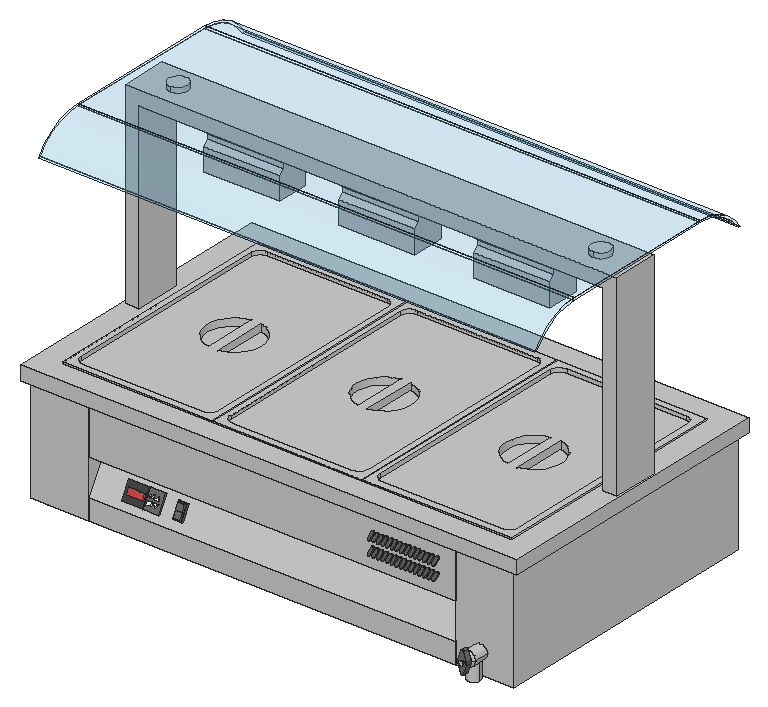
Revit family "QF_INOMAK_MSV610_250605075213", category Specialty Equipment, Revit 2021
Family settings
  Round Connector Dimension = Use Diameter
  Part Type = Normal
  OmniClass Number = 23.40.40.14
  OmniClass Title = Food Service Equipment
  Work Plane-Based = No
  Always vertical = Yes
  Cut with Voids When Loaded = No
  Shared = No
  Room Calculation Point = No
Parameters (values of type "MSV610")
  Weight [instance] = 43.00 kg
  Waste Water Discharge Temperature [instance] = 0 °C
  Waste Remarks [instance] = ""
  Warranty Start Date [instance] = ""
  Warranty Duration [instance] = ""
  Volts [instance] = 230 V
  Volt Free Conn [instance] = no
  URL Recommended Spares List [instance] = ""
  URL Manufacturer [instance] = ""
  URL Cutsheet [instance] = ""
  URL Critical Spares List [instance] = ""
  URL = "www.inomak.com"
  Technical Documentation [instance] = ""
  Tag Number [instance] = ""
  Status [instance] = ""
  Start Up Current [instance] = 0 A
  Specification by User [instance] = ""
  Specification by Manufacturer [instance] = ""
  Sound Level [instance] = ""
  Show Logo [instance] = yes
  Show Clearances [instance] = yes
  Service Life Duration [instance] = ""
  Serial Number [instance] = ""
  Seismic Rating [instance] = ""
  SMACNA No [instance] = ""
  Revision Code [instance] = ""
  Revision [instance] = ""
  Production Year [instance] = ""
  Potential Equalisation [instance] = no
  Point Load [instance] = 0
  Plumbing Connection Type [instance] = ""
  Phase [instance] = 1
  Other Equipment Approvals [instance] = ""
  Operational Current [instance] = 0 A
  Number of Poles [instance] = 2
  No Load Power Draw [instance] = no
  NAFEM Spec ID Number [instance] = ""
  Model Warning [instance] = ""
  Model = "MSV610"
  Min Ckt Ampacity [instance] = 0 A
  Max Overcurrent Protection [instance] = 16 A
  Masterspec [instance] = ""
  Manufacturer = "INOMAK"
  Main switch integrated [instance] = no
  Length Actual [instance] = 1078 mm
  Item Number [instance] = ""
  Installed By [instance] = ""
  Installation Date [instance] = ""
  Indirect Waste Size [instance] = 25.4 mm
  Indirect Waste Remarks [instance] = ""
  Indirect Waste Flow [instance] = 0.0 L/s
  Indirect Waste Connection Type [instance] = ""
  Indirect Waste Connection Height [instance] = 0 mm
  Identify Quantity as Lot [instance] = no
  ID [instance] = ""
  Hygiene Approval [instance] = ""
  Height Actual [instance] = 708 mm
  HP power [instance] = ""
  Furnished By [instance] = ""
  Foodservice Equipment Identifier [instance] = no
  FL Amps [instance] = 10.4 A
  Electrical Remarks [instance] = ""
  Electric power [instance] = 2390 W
  Electric Connection Type [instance] = ""
  Elec Conn RI Height [instance] = 0 mm
  Elec Conn Connection Height [instance] = 0 mm
  ETL Approved [instance] = no
  Direct Waste Water Discharge Temperature [instance] = -273.15 °C
  Direct Waste Size [instance] = 25.4 mm
  Direct Waste RI Height [instance] = 0 mm
  Direct Waste Flow [instance] = 0.0 L/s
  Direct Waste Connection Height [instance] = 0 mm
  Description = "PORTABLE BAIN MARIE WITH 3 GN PANS CAPACITY AND DOUBLE SNEEZE GUARD"
  Depth Actual [instance] = 629 mm
  Default Elevation = 0 mm
  Cycle [instance] = 50 Hz
  Cost = 0
  Connection to energy optimisation system [instance] = yes
  Conn Plug [instance] = ""
  Conn Conduit [instance] = no
  Centralized building control system with digital interface [instance] = ""
  CSI MasterFormat [instance] = ""
  CE Approved [instance] = no
  Barcode [instance] = 0
  Author [instance] = ""
  Asset Identifier [instance] = ""
  Apparent Power [instance] = 2390 VA
  Accessory [instance] = no
Reference planes
  plane 1 "Center (Front/Back)": y = 0
  plane 2: z = 0
  plane 3 "Center (Left/Right)": x = 0
Forms (mm)
  Extrusion 1, solid, not visible
    sketch origin (995.049, -600.029, 12.001) x (1, 0, 0) y (0, 1, 0)
      loop
        line (-2, 2) -> (-2, -2) -> (2, -2) -> (2, 2) -> (-2, 2)
    from -2 to 2
  Extrusion 2, solid, not visible
    sketch origin (80.004, -600.029, 12.001) x (1, 0, 0) y (0, 1, 0)
      loop
        line (-2, 2) -> (-2, -2) -> (2, -2) -> (2, 2) -> (-2, 2)
    from -2 to 2
Dimensions and locks
  locked: nested 2 to Extrusion 1 at 2  (x2)
  locked: nested 3 to Extrusion 2 at 2  (x2)
  aligned and locked: level to plane 2
Nested families
  nested 1: "QF_INOMAK_PORTABLE_BAIN_MARIES_1080_2920" at (0, 0, 0), type "MSV610"
    with Weight 43.00 kg, Warranty Start Date "", Warranty Duration "", URL Cutsheet "", Technical Documentation "", Tag Number "", Status "", Specification by User "", Specification by Manufacturer "", Sound Level "", Solid Fuel Type "", Show Logo yes, Show Clearances yes, Service Life Duration "", Serial Number "", Seismic Rating "", SMACNA No "", Revision Code "", Revision "", Production Year "", Point Load 0, Other Equipment Approvals "", NAFEM Spec ID Number "", Model Warning "", Masterspec "", Length Actual 1078 mm, Item Number "", Installed By "", Installation Date "", Identify Quantity as Lot yes, ID "", Hygiene Approval "", Height Actual 708 mm, Furnished By "", Foodservice Equipment Identifier yes, ETL Approved yes, Depth Actual 629 mm, CSI MasterFormat "", CE Approved yes, Barcode "", Author "", Asset Identifier "", Accessory no
  nested 2: "CONN_POINT_DRAIN_2D___Generic_Annotation" at (995.049, -600.029, 10), type "CONN_POINT_DRAIN_2D___Generic_Annotation"
    with Onboard connection annotation symbol visibility yes
  nested 3: "CONN_POINT_ELE_2D___Generic_Annotation" at (80.004, -600.029, 10), type "CONN_POINT_ELE_2D___Generic_Annotation"
    with Onboard connection annotation symbol visibility yes
  nested 4: "QF_INOMAK_HEAT_WORKTOPS_HTDS_1080_4720" at (0, 0, 268), type "HTDS-1080-630"
    with Weight 0.00 kg, Warranty Start Date "", Warranty Duration "", URL Cutsheet "", Technical Documentation "", Tag Number "", Status "", Specification by User "", Specification by Manufacturer "", Sound Level "", Solid Fuel Type "", Show Logo yes, Show Clearances yes, Service Life Duration "", Serial Number "", Seismic Rating "", SMACNA No "", Revision Code "", Revision "", Production Year "", Point Load 0, Other Equipment Approvals "", NAFEM Spec ID Number "", Model Warning "", Masterspec "", Length Actual 1078 mm, Item Number "", Installed By "", Installation Date "", Identify Quantity as Lot yes, ID "", Hygiene Approval "", Height Actual 440 mm, Furnished By "", Foodservice Equipment Identifier yes, ETL Approved yes, Depth Actual 629 mm, CSI MasterFormat "", CE Approved yes, Barcode "", Author "", Asset Identifier "", Accessory yes
Connectors
  piping at (995.049, -600.029, 10), diameter 25.4, driven by "Indirect Waste Size", driven by "Direct Waste Flow"
    settings: on Extrusion 1, index 1, connector inside diameter 609.6 mm, connector length 0 mm, flow factor 0, pipe flow 0.0 L/s, pressure drop 0.0 Pa, fitting loss kfactor 0, connector angle 0.00°, fixture units 0, engagement length 0 mm, angle of deflection 0.00°, flow configuration 1, flow direction 2, fitting loss method 0, system type 16, joint type 0, gender type 0, connector reference index -1, connector utility 0, adjustable connector no, is connector primary yes, connector description "Waste connection for MSV610"
  electrical at (80.004, -600.029, 10), driven by "Apparent Power", driven by "Number of Poles", driven by "Volts"
    settings: on Extrusion 2, index 2, voltage 230 V, apparent load 0 VA, apparent load phase1 2390 VA, apparent load phase2 0 VA, apparent load phase3 0 VA, power factor 1, load classification "Other", number of poles 2, system type 31, power factor state 1, is connector primary yes, connector utility no, sub classification motor no, connector description "Electrical connection for MSV610"
Definition of nested family "QF_INOMAK_PORTABLE_BAIN_MARIES_1080_2920"
  Parameters (values of type "MBSQ610")
    Weight [instance] = 0.00 kg
    Warranty Start Date [instance] = ""
    Warranty Duration [instance] = ""
    URL Cutsheet [instance] = ""
    URL = "www.inomak.com"
    Technical Documentation [instance] = ""
    Tag Number [instance] = ""
    Status [instance] = ""
    Specification by User [instance] = ""
    Specification by Manufacturer [instance] = ""
    Sound Level [instance] = ""
    Solid Fuel Type [instance] = ""
    Show Logo [instance] = yes
    Show Clearances [instance] = yes
    Service Life Duration [instance] = ""
    Serial Number [instance] = ""
    Seismic Rating [instance] = ""
    SMACNA No [instance] = ""
    Revision Code [instance] = ""
    Revision [instance] = ""
    Production Year [instance] = ""
    Point Load [instance] = 0
    Other Equipment Approvals [instance] = ""
    NAFEM Spec ID Number [instance] = ""
    Model Warning [instance] = ""
    Model = "MBSQ610"
    Masterspec [instance] = ""
    Manufacturer = "INOMAK"
    Length Actual [instance] = 0 mm
    Item Number [instance] = ""
    Installed By [instance] = ""
    Installation Date [instance] = ""
    Identify Quantity as Lot [instance] = yes
    ID [instance] = ""
    Hygiene Approval [instance] = ""
    Height Actual [instance] = 0 mm
    Furnished By [instance] = ""
    Foodservice Equipment Identifier [instance] = yes
    ETL Approved [instance] = yes
    Description = "PORTABLE BAIN MARIE WITH 3 GN PANS CAPACITY AND SQUARE SHOWCASE"
    Depth Actual [instance] = 0 mm
    Default Elevation = 0 mm
    CSI MasterFormat [instance] = ""
    CE Approved [instance] = yes
    Barcode [instance] = ""
    Author [instance] = ""
    Asset Identifier [instance] = ""
    Assembly Code = "E1090320"
    Accessory [instance] = yes
  Types (5, lengths in mm): name | Model | Description
    MBV610 | "MBV610" | "PORTABLE BAIN MARIE WITH 3 GN PANS CAPACITY AND SHOWCASE"
    MAV610 | "MAV610" | "PORTABLE BAIN MARIE WITH 3 GN PANS CAPACITY"
    MEV610 | "MEV610" | "PORTABLE BAIN MARIE WITH 3 GN PANS CAPACITY AND SINGLE SNEEZE GUARD"
    MSV610 | "MSV610" | "PORTABLE BAIN MARIE WITH 3 GN PANS CAPACITY AND DOUBLE SNEEZE GUARD"
    MBSQ610 | "MBSQ610" | "PORTABLE BAIN MARIE WITH 3 GN PANS CAPACITY AND SQUARE SHOWCASE"
  Reference planes
    plane 1 "Back": y = 0
    plane 2: z = 0
    plane 3 "Left": x = 0
    plane 4 "Right": x = 1078
    plane 5 "Front": y = -629
    plane 6 "Top": z = 268
  Forms (mm)
    Extrusion 1, solid
      sketch origin (233.428, -636, -16.393) x (-1, 0, 0) y (0, 0, 1)
        loop
          arc (-522.253, 222.665) -> (-526.351, 223.763) -> (-527.449, 219.665) r 3
          line (-527.449, 219.665) -> (-518.449, 204.077)
          arc (-518.449, 204.077) -> (-514.351, 202.979) -> (-513.253, 207.077) r 3
          line (-513.253, 207.077) -> (-522.253, 222.665)
        loop
          arc (-532.253, 222.665) -> (-536.351, 223.763) -> (-537.449, 219.665) r 3
          line (-537.449, 219.665) -> (-528.449, 204.077)
          arc (-528.449, 204.077) -> (-524.351, 202.979) -> (-523.253, 207.077) r 3
          line (-523.253, 207.077) -> (-532.253, 222.665)
        loop
          arc (-542.253, 222.665) -> (-546.351, 223.763) -> (-547.449, 219.665) r 3
          line (-547.449, 219.665) -> (-538.449, 204.077)
          arc (-538.449, 204.077) -> (-534.351, 202.979) -> (-533.253, 207.077) r 3
          line (-533.253, 207.077) -> (-542.253, 222.665)
        loop
          arc (-552.253, 222.665) -> (-556.351, 223.763) -> (-557.449, 219.665) r 3
          line (-557.449, 219.665) -> (-548.449, 204.077)
          arc (-548.449, 204.077) -> (-544.351, 202.979) -> (-543.253, 207.077) r 3
          line (-543.253, 207.077) -> (-552.253, 222.665)
        loop
          arc (-562.253, 222.665) -> (-566.351, 223.763) -> (-567.449, 219.665) r 3
          line (-567.449, 219.665) -> (-558.449, 204.077)
          arc (-558.449, 204.077) -> (-554.351, 202.979) -> (-553.253, 207.077) r 3
          line (-553.253, 207.077) -> (-562.253, 222.665)
        loop
          arc (-572.253, 222.665) -> (-576.351, 223.763) -> (-577.449, 219.665) r 3
          line (-577.449, 219.665) -> (-568.449, 204.077)
          arc (-568.449, 204.077) -> (-564.351, 202.979) -> (-563.253, 207.077) r 3
          line (-563.253, 207.077) -> (-572.253, 222.665)
        loop
          arc (-582.253, 222.665) -> (-586.351, 223.763) -> (-587.449, 219.665) r 3
          line (-587.449, 219.665) -> (-578.449, 204.077)
          arc (-578.449, 204.077) -> (-574.351, 202.979) -> (-573.253, 207.077) r 3
          line (-573.253, 207.077) -> (-582.253, 222.665)
        loop
          arc (-592.253, 222.665) -> (-596.351, 223.763) -> (-597.449, 219.665) r 3
          line (-597.449, 219.665) -> (-588.449, 204.077)
          arc (-588.449, 204.077) -> (-584.351, 202.979) -> (-583.253, 207.077) r 3
          line (-583.253, 207.077) -> (-592.253, 222.665)
        loop
          arc (-602.253, 222.665) -> (-606.351, 223.763) -> (-607.449, 219.665) r 3
          line (-607.449, 219.665) -> (-598.449, 204.077)
          arc (-598.449, 204.077) -> (-594.351, 202.979) -> (-593.253, 207.077) r 3
          line (-593.253, 207.077) -> (-602.253, 222.665)
        loop
          arc (-612.253, 222.665) -> (-616.351, 223.763) -> (-617.449, 219.665) r 3
          line (-617.449, 219.665) -> (-608.449, 204.077)
          arc (-608.449, 204.077) -> (-604.351, 202.979) -> (-603.253, 207.077) r 3
          line (-603.253, 207.077) -> (-612.253, 222.665)
        loop
          arc (-622.253, 222.665) -> (-626.351, 223.763) -> (-627.449, 219.665) r 3
          line (-627.449, 219.665) -> (-618.449, 204.077)
          arc (-618.449, 204.077) -> (-614.351, 202.979) -> (-613.253, 207.077) r 3
          line (-613.253, 207.077) -> (-622.253, 222.665)
        loop
          arc (-632.253, 222.665) -> (-636.351, 223.763) -> (-637.449, 219.665) r 3
          line (-637.449, 219.665) -> (-628.449, 204.077)
          arc (-628.449, 204.077) -> (-624.351, 202.979) -> (-623.253, 207.077) r 3
          line (-623.253, 207.077) -> (-632.253, 222.665)
        loop
          arc (-642.253, 222.665) -> (-646.351, 223.763) -> (-647.449, 219.665) r 3
          line (-647.449, 219.665) -> (-638.449, 204.077)
          arc (-638.449, 204.077) -> (-634.351, 202.979) -> (-633.253, 207.077) r 3
          line (-633.253, 207.077) -> (-642.253, 222.665)
        loop
          arc (-652.253, 222.665) -> (-656.351, 223.763) -> (-657.449, 219.665) r 3
          line (-657.449, 219.665) -> (-648.449, 204.077)
          arc (-648.449, 204.077) -> (-644.351, 202.979) -> (-643.253, 207.077) r 3
          line (-643.253, 207.077) -> (-652.253, 222.665)
        loop
          arc (-662.253, 222.665) -> (-666.351, 223.763) -> (-667.449, 219.665) r 3
          line (-667.449, 219.665) -> (-658.449, 204.077)
          arc (-658.449, 204.077) -> (-654.351, 202.979) -> (-653.253, 207.077) r 3
          line (-653.253, 207.077) -> (-662.253, 222.665)
        loop
          arc (-522.253, 192.665) -> (-526.351, 193.763) -> (-527.449, 189.665) r 3
          line (-527.449, 189.665) -> (-518.449, 174.077)
          arc (-518.449, 174.077) -> (-514.351, 172.979) -> (-513.253, 177.077) r 3
          line (-513.253, 177.077) -> (-522.253, 192.665)
        loop
          arc (-532.253, 192.665) -> (-536.351, 193.763) -> (-537.449, 189.665) r 3
          line (-537.449, 189.665) -> (-528.449, 174.077)
          arc (-528.449, 174.077) -> (-524.351, 172.979) -> (-523.253, 177.077) r 3
          line (-523.253, 177.077) -> (-532.253, 192.665)
        loop
          arc (-542.253, 192.665) -> (-546.351, 193.763) -> (-547.449, 189.665) r 3
          line (-547.449, 189.665) -> (-538.449, 174.077)
          arc (-538.449, 174.077) -> (-534.351, 172.979) -> (-533.253, 177.077) r 3
          line (-533.253, 177.077) -> (-542.253, 192.665)
        loop
          arc (-552.253, 192.665) -> (-556.351, 193.763) -> (-557.449, 189.665) r 3
          line (-557.449, 189.665) -> (-548.449, 174.077)
          arc (-548.449, 174.077) -> (-544.351, 172.979) -> (-543.253, 177.077) r 3
          line (-543.253, 177.077) -> (-552.253, 192.665)
        loop
          arc (-562.253, 192.665) -> (-566.351, 193.763) -> (-567.449, 189.665) r 3
          line (-567.449, 189.665) -> (-558.449, 174.077)
          arc (-558.449, 174.077) -> (-554.351, 172.979) -> (-553.253, 177.077) r 3
          line (-553.253, 177.077) -> (-562.253, 192.665)
        loop
          arc (-572.253, 192.665) -> (-576.351, 193.763) -> (-577.449, 189.665) r 3
          line (-577.449, 189.665) -> (-568.449, 174.077)
          arc (-568.449, 174.077) -> (-564.351, 172.979) -> (-563.253, 177.077) r 3
          line (-563.253, 177.077) -> (-572.253, 192.665)
        loop
          arc (-582.253, 192.665) -> (-586.351, 193.763) -> (-587.449, 189.665) r 3
          line (-587.449, 189.665) -> (-578.449, 174.077)
          arc (-578.449, 174.077) -> (-574.351, 172.979) -> (-573.253, 177.077) r 3
          line (-573.253, 177.077) -> (-582.253, 192.665)
        loop
          arc (-592.253, 192.665) -> (-596.351, 193.763) -> (-597.449, 189.665) r 3
          line (-597.449, 189.665) -> (-588.449, 174.077)
          arc (-588.449, 174.077) -> (-584.351, 172.979) -> (-583.253, 177.077) r 3
          line (-583.253, 177.077) -> (-592.253, 192.665)
        loop
          arc (-602.253, 192.665) -> (-606.351, 193.763) -> (-607.449, 189.665) r 3
          line (-607.449, 189.665) -> (-598.449, 174.077)
          arc (-598.449, 174.077) -> (-594.351, 172.979) -> (-593.253, 177.077) r 3
          line (-593.253, 177.077) -> (-602.253, 192.665)
        loop
          arc (-612.253, 192.665) -> (-616.351, 193.763) -> (-617.449, 189.665) r 3
          line (-617.449, 189.665) -> (-608.449, 174.077)
          arc (-608.449, 174.077) -> (-604.351, 172.979) -> (-603.253, 177.077) r 3
          line (-603.253, 177.077) -> (-612.253, 192.665)
        loop
          arc (-622.253, 192.665) -> (-626.351, 193.763) -> (-627.449, 189.665) r 3
          line (-627.449, 189.665) -> (-618.449, 174.077)
          arc (-618.449, 174.077) -> (-614.351, 172.979) -> (-613.253, 177.077) r 3
          line (-613.253, 177.077) -> (-622.253, 192.665)
        loop
          arc (-632.253, 192.665) -> (-636.351, 193.763) -> (-637.449, 189.665) r 3
          line (-637.449, 189.665) -> (-628.449, 174.077)
          arc (-628.449, 174.077) -> (-624.351, 172.979) -> (-623.253, 177.077) r 3
          line (-623.253, 177.077) -> (-632.253, 192.665)
        loop
          arc (-642.253, 192.665) -> (-646.351, 193.763) -> (-647.449, 189.665) r 3
          line (-647.449, 189.665) -> (-638.449, 174.077)
          arc (-638.449, 174.077) -> (-634.351, 172.979) -> (-633.253, 177.077) r 3
          line (-633.253, 177.077) -> (-642.253, 192.665)
        loop
          arc (-652.253, 192.665) -> (-656.351, 193.763) -> (-657.449, 189.665) r 3
          line (-657.449, 189.665) -> (-648.449, 174.077)
          arc (-648.449, 174.077) -> (-644.351, 172.979) -> (-643.253, 177.077) r 3
          line (-643.253, 177.077) -> (-652.253, 192.665)
        loop
          arc (-662.253, 192.665) -> (-666.351, 193.763) -> (-667.449, 189.665) r 3
          line (-667.449, 189.665) -> (-658.449, 174.077)
          arc (-658.449, 174.077) -> (-654.351, 172.979) -> (-653.253, 177.077) r 3
          line (-653.253, 177.077) -> (-662.253, 192.665)
      from 16.5 to 18.5
    Extrusion 2, solid
      sketch origin (0, -641.208, 0) x (-1, 0, 0) y (0, 0, 1)
        loop
          line (-15, 10) -> (-15, 238) -> (-140, 238) -> (-140, 10) -> (-15, 10)
      from 22.208 to 631.208
    Extrusion 3, solid
      sketch origin (0, 0, 238) x (1, 0, 0) y (0, 1, 0)
        loop
          line (0, 0) -> (0, -629) -> (1078, -629) -> (1078, 0) -> (0, 0)
        loop
          line (51.5, -579) -> (1026.5, -579) -> (1026.5, -49) -> (51.5, -49) -> (51.5, -579)
      from 0 to 30
    Extrusion 4, solid
      sketch origin (1079, -641.208, 0) x (1, 0, 0) y (0, 0, -1)
        loop
          line (-15, -10) -> (-141, -10) -> (-141, -238) -> (-15, -238) -> (-15, -10)
      from 22.208 to 631.208
    Extrusion 5, solid
      sketch origin (-1, 0, 0) x (0, 1, 0) y (0, 0, 1)
        loop
          line (-619, 238) -> (-619, 133.92) -> (-579, 124.282) -> (-619, 55) -> (-619, 10) -> (-10, 10) -> (-10, 238) -> (-619, 238)
      from 141 to 939
    Revolve 6, solid
      sketch origin (0, -594, 0) x (-1, 0, 0) y (0, 0, 1)
        loop
          line (-27.5, 10) -> (-40, 10) -> (-40, 0) -> (-30, 0) -> (-27.5, 10)
        axis (-40, 0) -> (-40, 10)
      angle from 0 to 360
    Revolve 7, solid
      sketch origin (1078, -594, 0) x (1, 0, 0) y (0, 0, -1)
        loop
          line (-27.5, -10) -> (-30, 0) -> (-40, 0) -> (-40, -10) -> (-27.5, -10)
        axis (-40, 0) -> (-40, -10)
      angle from 0 to 360
    Extrusion 8, solid
      sketch origin (-1, -646.329, 9.665) x (-1, 0, 0) y (0, 0.5, 0.866025)
        loop
          line (-208.234, 108.408) -> (-253.234, 108.408) -> (-253.234, 68.408) -> (-208.234, 68.408) -> (-208.234, 108.408)
      from 0 to 2
    Extrusion 9, solid
      sketch origin (-612.766, -619.914, 59.417) x (-1, 0, 0) y (0, 0.5, 0.866025)
        loop
          line (-950, 15) -> (-930, 15) -> (-930, 50) -> (-950, 50) -> (-950, 15)
      from 0 to 3
    Extrusion 10, solid
      sketch origin (-584.766, -511.66, -3.083) x (0, 0.866025, -0.5) y (0, 0.5, 0.866025)
        loop
          line (-125, 18) -> (-125, 47)
          arc (-125, 47) -> (-127.961, 46.812) -> (-130.754, 45.81) r 10.576
          line (-130.754, 45.81) -> (-128, 32.5) -> (-128, 18) -> (-125, 18)
      from 905 to 919
    Extrusion 11, solid
      sketch origin (44, -646.329, 9.665) x (-1, 0, 0) y (0, 0.5, 0.866025)
        loop
          line (-208.234, 108.408) -> (-243.234, 108.408) -> (-243.234, 68.408) -> (-208.234, 68.408) -> (-208.234, 108.408)
      from 0 to 2
    Extrusion 12, solid
      sketch origin (-1, -646.762, 9.915) x (-1, 0, 0) y (0, 0.5, 0.866025)
        loop
          line (-213.234, 94.908) -> (-248.234, 94.908) -> (-248.234, 81.908) -> (-213.234, 81.908) -> (-213.234, 94.908)
      from 0 to 2.5
    Extrusion 13, solid
      sketch origin (-1, -646.762, 9.915) x (-1, 0, 0) y (0, 0.5, 0.866025)
        loop
          line (-271.558, 91.171) -> (-275.802, 98.522) -> (-280.047, 91.171) -> (-271.558, 91.171)
        loop
          line (-271.558, 85.645) -> (-280.047, 85.645) -> (-275.802, 78.294) -> (-271.558, 85.645)
        loop
          line (-257.397, 85.645) -> (-267.397, 85.645) -> (-267.397, 78.294) -> (-257.397, 78.294) -> (-257.397, 85.645)
        loop
          line (-265.397, 98.522) -> (-267.397, 98.522) -> (-267.397, 92.322) -> (-259.549, 92.322) -> (-259.549, 91.171) -> (-257.397, 93.322) -> (-259.549, 95.474) -> (-259.549, 94.322) -> (-265.397, 94.322) -> (-265.397, 98.522)
      from 0 to 2.5
    Revolve 14, solid
      sketch origin (0, -25, 0) x (-1, 0, 0) y (0, 0, -1)
        loop
          line (-27.5, -10) -> (-30, 0) -> (-40, 0) -> (-40, -10) -> (-27.5, -10)
        axis (-40, 0) -> (-40, -10)
      angle from 0 to 360
    Revolve 15, solid
      sketch origin (1078, -25, 0) x (1, 0, 0) y (0, 0, 1)
        loop
          line (-27.5, 10) -> (-40, 10) -> (-40, 0) -> (-30, 0) -> (-27.5, 10)
        axis (-40, 0) -> (-40, 10)
      angle from 0 to 360
    Extrusion 16, solid
      sketch origin (319, 4.125, 0) x (1, 0, 0) y (0, 1, 0)
        loop
          circle (672.38, -640.973) r 13
        loop
          circle (672.38, -640.973) r 11
      from 10 to 55
    Revolve 17, solid
      sketch origin (319, 1, 55) x (1, 0, 0) y (0, 1, 0)
        loop
          line (657.38, -620) -> (657.38, -651.68) -> (662.497, -655.973) -> (672.497, -655.973) -> (672.497, -620) -> (657.38, -620)
        axis (672.497, -655.973) -> (672.497, -620)
      angle from 0 to 360
    Extrusion 18, solid
      sketch origin (319, -629, 0) x (-1, 0, 0) y (0, 0, 1)
        loop
          circle (-672.38, 55) r 5
      from -41.78 to -25.973
    Extrusion 19, solid
      sketch origin (319, -629, 0) x (-1, 0, 0) y (0, 0, 1)
        loop
          arc (-682.087, 57.836) -> (-682.497, 55) -> (-682.087, 52.164) r 10
          line (-682.087, 52.164) -> (-676.619, 33.676)
          arc (-676.619, 33.676) -> (-672.497, 30.597) -> (-668.376, 33.676) r 4.298
          line (-668.376, 33.676) -> (-662.908, 52.164)
          arc (-662.908, 52.164) -> (-662.497, 55) -> (-662.908, 57.836) r 10
          line (-662.908, 57.836) -> (-668.376, 76.324)
          arc (-668.376, 76.324) -> (-672.497, 79.403) -> (-676.619, 76.324) r 4.298
          line (-676.619, 76.324) -> (-682.087, 57.836)
      from -39.243 to -29.243
    Extrusion 20, solid
      sketch origin (-3.5, 1, 0) x (1, 0, 0) y (0, 1, 0)
        loop
          line (55, -50) -> (55, -580) -> (380, -580) -> (380, -50) -> (55, -50)
        loop
          arc (87.5, -65) -> (73.358, -70.858) -> (67.5, -85) r 20
          line (67.5, -85) -> (67.5, -545.415)
          arc (67.5, -545.415) -> (73.358, -559.557) -> (87.5, -565.415) r 20
          line (87.5, -565.415) -> (347.5, -565.415)
          arc (347.5, -565.415) -> (361.642, -559.557) -> (367.5, -545.415) r 20
          line (367.5, -545.415) -> (367.5, -85)
          arc (367.5, -85) -> (361.642, -70.858) -> (347.5, -65) r 20
          line (347.5, -65) -> (87.5, -65)
      from 238 to 270
    Extrusion 21, solid
      sketch origin (-3.5, 1, -7) x (1, 0, 0) y (0, 1, 0)
        loop
          arc (67.5, -545.415) -> (73.358, -559.557) -> (87.5, -565.415) r 20
          line (87.5, -565.415) -> (347.5, -565.415)
          arc (347.5, -565.415) -> (361.642, -559.557) -> (367.5, -545.415) r 20
          line (367.5, -545.415) -> (367.5, -85)
          arc (367.5, -85) -> (361.642, -70.858) -> (347.5, -65) r 20
          line (347.5, -65) -> (87.5, -65)
          arc (87.5, -65) -> (73.358, -70.858) -> (67.5, -85) r 20
          line (67.5, -85) -> (67.5, -545.415)
      from 245 to 270
    Extrusion 22, void
      sketch origin (-3.5, 1, 8) x (1, 0, 0) y (0, 1, 0)
        loop
          arc (207.5, -256.046) -> (157.5, -315.207) -> (207.5, -374.368) r 60
          line (207.5, -374.368) -> (207.5, -256.046)
        loop
          line (227.5, -256.046) -> (227.5, -374.368)
          arc (227.5, -374.368) -> (277.5, -315.207) -> (227.5, -256.046) r 60
      from 240 to 270
    Extrusion 23, solid
      sketch origin (321.5, 1, 0) x (1, 0, 0) y (0, 1, 0)
        loop
          line (55, -50) -> (55, -580) -> (380, -580) -> (380, -50) -> (55, -50)
        loop
          arc (87.5, -65) -> (73.358, -70.858) -> (67.5, -85) r 20
          line (67.5, -85) -> (67.5, -545.415)
          arc (67.5, -545.415) -> (73.358, -559.557) -> (87.5, -565.415) r 20
          line (87.5, -565.415) -> (347.5, -565.415)
          arc (347.5, -565.415) -> (361.642, -559.557) -> (367.5, -545.415) r 20
          line (367.5, -545.415) -> (367.5, -85)
          arc (367.5, -85) -> (361.642, -70.858) -> (347.5, -65) r 20
          line (347.5, -65) -> (87.5, -65)
      from 238 to 270
    Extrusion 24, solid
      sketch origin (321.5, 1, -7) x (1, 0, 0) y (0, 1, 0)
        loop
          arc (67.5, -545.415) -> (73.358, -559.557) -> (87.5, -565.415) r 20
          line (87.5, -565.415) -> (347.5, -565.415)
          arc (347.5, -565.415) -> (361.642, -559.557) -> (367.5, -545.415) r 20
          line (367.5, -545.415) -> (367.5, -85)
          arc (367.5, -85) -> (361.642, -70.858) -> (347.5, -65) r 20
          line (347.5, -65) -> (87.5, -65)
          arc (87.5, -65) -> (73.358, -70.858) -> (67.5, -85) r 20
          line (67.5, -85) -> (67.5, -545.415)
      from 245 to 270
    Extrusion 25, void
      sketch origin (321.5, 1, 8) x (1, 0, 0) y (0, 1, 0)
        loop
          arc (207.5, -256.046) -> (157.5, -315.207) -> (207.5, -374.368) r 60
          line (207.5, -374.368) -> (207.5, -256.046)
        loop
          line (227.5, -256.046) -> (227.5, -374.368)
          arc (227.5, -374.368) -> (277.5, -315.207) -> (227.5, -256.046) r 60
      from 240 to 270
    Extrusion 26, solid
      sketch origin (646.5, 1, 0) x (1, 0, 0) y (0, 1, 0)
        loop
          line (55, -50) -> (55, -580) -> (380, -580) -> (380, -50) -> (55, -50)
        loop
          arc (87.5, -65) -> (73.358, -70.858) -> (67.5, -85) r 20
          line (67.5, -85) -> (67.5, -545.415)
          arc (67.5, -545.415) -> (73.358, -559.557) -> (87.5, -565.415) r 20
          line (87.5, -565.415) -> (347.5, -565.415)
          arc (347.5, -565.415) -> (361.642, -559.557) -> (367.5, -545.415) r 20
          line (367.5, -545.415) -> (367.5, -85)
          arc (367.5, -85) -> (361.642, -70.858) -> (347.5, -65) r 20
          line (347.5, -65) -> (87.5, -65)
      from 238 to 270
    Extrusion 27, solid
      sketch origin (646.5, 1, -7) x (1, 0, 0) y (0, 1, 0)
        loop
          arc (67.5, -545.415) -> (73.358, -559.557) -> (87.5, -565.415) r 20
          line (87.5, -565.415) -> (347.5, -565.415)
          arc (347.5, -565.415) -> (361.642, -559.557) -> (367.5, -545.415) r 20
          line (367.5, -545.415) -> (367.5, -85)
          arc (367.5, -85) -> (361.642, -70.858) -> (347.5, -65) r 20
          line (347.5, -65) -> (87.5, -65)
          arc (87.5, -65) -> (73.358, -70.858) -> (67.5, -85) r 20
          line (67.5, -85) -> (67.5, -545.415)
      from 245 to 270
    Extrusion 28, void
      sketch origin (646.5, 1, 8) x (1, 0, 0) y (0, 1, 0)
        loop
          arc (207.5, -256.046) -> (157.5, -315.207) -> (207.5, -374.368) r 60
          line (207.5, -374.368) -> (207.5, -256.046)
        loop
          line (227.5, -256.046) -> (227.5, -374.368)
          arc (227.5, -374.368) -> (277.5, -315.207) -> (227.5, -256.046) r 60
      from 240 to 270
  Cuts and joins
    Extrusion 22, Extrusion 25 cuts Extrusion 21
    Extrusion 25, Extrusion 28 cuts Extrusion 24
    Extrusion 28 cuts Extrusion 27
  Lines and regions (mm)
    symbolic lines
      curve 1: line (0, 0, 0) -> (1078, 0, 0)
      curve 2: line (0, -629, 0) -> (0, 0, 0)
      curve 3: line (1078, -629, 0) -> (0, -629, 0)
      curve 4: line (1078, 0, 0) -> (1078, -629, 0)
      curve 5: line (51.5, -49, 0) -> (1026.5, -49, 0)
      curve 6: line (51.5, -579, 0) -> (51.5, -49, 0)
      curve 7: line (1026.5, -579, 0) -> (51.5, -579, 0)
      curve 8: line (701.5, -49, 0) -> (701.5, -579, 0)
      curve 9: line (376.5, -49, 0) -> (376.5, -579, 0)
      curve 10: line (1026.5, -49, 0) -> (1026.5, -579, 0)
      curve 11: line (84, -64, 0) -> (344, -64, 0)
      curve 12: arc (344, -64, 0) -> (358.142, -69.858, 0) -> (364, -84, 0) r 20
      curve 13: line (364, -84, 0) -> (364, -544.415, 0)
      curve 14: arc (364, -544.415, 0) -> (358.142, -558.557, 0) -> (344, -564.415, 0) r 20
      curve 15: line (344, -564.415, 0) -> (84, -564.415, 0)
      curve 16: arc (84, -564.415, 0) -> (69.858, -558.557, 0) -> (64, -544.415, 0) r 20
      curve 17: line (64, -544.415, 0) -> (64, -84, 0)
      curve 18: arc (64, -84, 0) -> (69.858, -69.858, 0) -> (84, -64, 0) r 20
      curve 19: arc (204, -255.046, 0) -> (154, -314.207, 0) -> (204, -373.368, 0) r 60
      curve 20: line (204, -373.368, 0) -> (204, -255.046, 0)
      curve 21: line (224, -255.046, 0) -> (224, -373.368, 0)
      curve 22: arc (224, -373.368, 0) -> (274, -314.207, 0) -> (224, -255.046, 0) r 60
      curve 23: line (389, -544.415, 0) -> (389, -84, 0)
      curve 24: arc (389, -84, 0) -> (394.858, -69.858, 0) -> (409, -64, 0) r 20
      curve 25: line (409, -64, 0) -> (669, -64, 0)
      curve 26: arc (669, -64, 0) -> (683.142, -69.858, 0) -> (689, -84, 0) r 20
      curve 27: line (689, -84, 0) -> (689, -544.415, 0)
      curve 28: arc (689, -544.415, 0) -> (683.142, -558.557, 0) -> (669, -564.415, 0) r 20
      curve 29: line (669, -564.415, 0) -> (409, -564.415, 0)
      curve 30: arc (409, -564.415, 0) -> (394.858, -558.557, 0) -> (389, -544.415, 0) r 20
      curve 31: arc (529, -255.046, 0) -> (479, -314.207, 0) -> (529, -373.368, 0) r 60
      curve 32: line (529, -373.368, 0) -> (529, -255.046, 0)
      curve 33: line (549, -255.046, 0) -> (549, -373.368, 0)
      curve 34: arc (549, -373.368, 0) -> (599, -314.207, 0) -> (549, -255.046, 0) r 60
      curve 35: arc (854, -255.046, 0) -> (804, -314.207, 0) -> (854, -373.368, 0) r 60
      curve 36: line (854, -373.368, 0) -> (854, -255.046, 0)
      curve 37: line (874, -255.046, 0) -> (874, -373.368, 0)
      curve 38: arc (874, -373.368, 0) -> (924, -314.207, 0) -> (874, -255.046, 0) r 60
      curve 39: line (714, -544.415, 0) -> (714, -84, 0)
      curve 40: arc (714, -84, 0) -> (719.858, -69.858, 0) -> (734, -64, 0) r 20
      curve 41: line (734, -64, 0) -> (994, -64, 0)
      curve 42: arc (994, -64, 0) -> (1008.142, -69.858, 0) -> (1014, -84, 0) r 20
      curve 43: line (1014, -84, 0) -> (1014, -544.415, 0)
      curve 44: arc (1014, -544.415, 0) -> (1008.142, -558.557, 0) -> (994, -564.415, 0) r 20
      curve 45: line (994, -564.415, 0) -> (734, -564.415, 0)
      curve 46: arc (734, -564.415, 0) -> (719.858, -558.557, 0) -> (714, -544.415, 0) r 20
  Dimensions and locks
    plane 3 "Left" to plane 4 "Right" = 1078 mm
    plane 5 "Front" to plane 1 "Back" = 629 mm
    plane 6 "Top" to plane 2 = 268 mm
    aligned and locked: level to plane 2
Definition of nested family "QF_INOMAK_HEAT_WORKTOPS_HTDS_1080_4720"
  Parameters (values of type "HTDS-1080-630")
    Weight [instance] = 0.00 kg
    Warranty Start Date [instance] = ""
    Warranty Duration [instance] = ""
    URL Cutsheet [instance] = ""
    URL = "www.inomak.com"
    Technical Documentation [instance] = ""
    Tag Number [instance] = ""
    Status [instance] = ""
    Specification by User [instance] = ""
    Specification by Manufacturer [instance] = ""
    Sound Level [instance] = ""
    Solid Fuel Type [instance] = ""
    Show Logo [instance] = yes
    Show Clearances [instance] = yes
    Service Life Duration [instance] = ""
    Serial Number [instance] = ""
    Seismic Rating [instance] = ""
    SMACNA No [instance] = ""
    Revision Code [instance] = ""
    Revision [instance] = ""
    Production Year [instance] = ""
    Point Load [instance] = 0
    Other Equipment Approvals [instance] = ""
    NAFEM Spec ID Number [instance] = ""
    Model Warning [instance] = ""
    Model = "HTDS"
    Masterspec [instance] = ""
    Manufacturer = "INOMAK"
    Length Actual [instance] = 0 mm
    Item Number [instance] = ""
    Installed By [instance] = ""
    Installation Date [instance] = ""
    Identify Quantity as Lot [instance] = yes
    ID [instance] = ""
    Hygiene Approval [instance] = ""
    Height Actual [instance] = 0 mm
    Furnished By [instance] = ""
    Foodservice Equipment Identifier [instance] = yes
    ETL Approved [instance] = yes
    Description = "DOUBLE SNEEZE GUARD"
    Depth Actual [instance] = 0 mm
    Default Elevation = 0 mm
    CSI MasterFormat [instance] = ""
    CE Approved [instance] = yes
    Barcode [instance] = ""
    Author [instance] = ""
    Asset Identifier [instance] = ""
    Assembly Code = "E1090320"
    Accessory [instance] = yes
  Reference planes
    plane 1 "Back": y = 0
    plane 2: z = 0
    plane 3 "Left": x = 0
    plane 4 "Right": x = 1078
    plane 5 "Front": y = -629
    plane 6 "Top": z = 440
  Forms (mm)
    Extrusion 1, solid
      sketch origin (1080, 0, -833) x (0, -1, 0) y (0, 0, 1)
        loop
          line (20, 1213.94) -> (25.993, 1213.94)
          arc (25.993, 1213.94) -> (70.349, 1253.652) -> (128.129, 1268) r 123.514
          line (128.129, 1268) -> (471.871, 1268)
          arc (471.871, 1268) -> (529.651, 1253.652) -> (574.007, 1213.94) r 123.514
          line (574.007, 1213.94) -> (580, 1213.94)
          arc (580, 1213.94) -> (533.474, 1257.273) -> (471.871, 1273) r 128.514
          line (471.871, 1273) -> (128.129, 1273)
          arc (128.129, 1273) -> (66.526, 1257.273) -> (20, 1213.94) r 128.514
      from 2 to 1080
    Extrusion 2, solid
      sketch origin (0, -695.221, -833) x (-1, 0, 0) y (0, 0, 1)
        loop
          line (-5, 833) -> (-5, 1258) -> (-1073, 1258) -> (-1073, 833) -> (-1043, 833) -> (-1043, 1228) -> (-35, 1228) -> (-35, 833) -> (-5, 833)
      from 345.221 to 445.221
    Extrusion 3, solid
      sketch origin (0, 1874.578, 40) x (0, 1, 0) y (-1, 0, 0)
        loop
          circle (-2174.578, -80) r 20
      from 385 to 395
    Extrusion 4, solid
      sketch origin (-2, 1874.578, 40) x (0, 1, 0) y (-1, 0, 0)
        loop
          circle (-2174.578, -1000) r 20
      from 385 to 395
    Extrusion 5, solid
      sketch origin (152.75, 0, 0) x (0, 1, 0) y (0, 0, 1)
        loop
          line (-265, 395) -> (-335, 395) -> (-335, 385) -> (-324.393, 374.393) -> (-275.607, 374.393) -> (-265, 385) -> (-265, 395)
      from 10 to 175
    Extrusion 6, solid
      sketch origin (162.75, 0, 0) x (0, 1, 0) y (0, 0, 1)
        loop
          line (-275.607, 374.393) -> (-324.393, 374.393) -> (-324.393, 364.393) -> (-335, 353.787) -> (-335, 305) -> (-265, 305) -> (-265, 353.787) -> (-275.607, 364.393) -> (-275.607, 374.393)
      from 0 to 5
    Extrusion 7, solid
      sketch origin (167.75, 0, 0) x (0, 1, 0) y (0, 0, 1)
        loop
          line (-275.607, 374.393) -> (-324.393, 374.393) -> (-324.393, 364.393) -> (-335, 353.787) -> (-335, 305) -> (-330, 305) -> (-330, 348.787) -> (-270, 348.787) -> (-270, 305) -> (-265, 305) -> (-265, 353.787) -> (-275.607, 364.393) -> (-275.607, 374.393)
      from 0 to 155
    Extrusion 8, solid
      sketch origin (322.75, 0, 0) x (0, 1, 0) y (0, 0, 1)
        loop
          line (-275.607, 374.393) -> (-324.393, 374.393) -> (-324.393, 364.393) -> (-335, 353.787) -> (-335, 305) -> (-265, 305) -> (-265, 353.787) -> (-275.607, 364.393) -> (-275.607, 374.393)
      from 0 to 5
    Extrusion 9, solid
      sketch origin (446.5, 0, 0) x (0, 1, 0) y (0, 0, 1)
        loop
          line (-265, 395) -> (-335, 395) -> (-335, 385) -> (-324.393, 374.393) -> (-275.607, 374.393) -> (-265, 385) -> (-265, 395)
      from 10 to 175
    Extrusion 10, solid
      sketch origin (456.5, 0, 0) x (0, 1, 0) y (0, 0, 1)
        loop
          line (-275.607, 374.393) -> (-324.393, 374.393) -> (-324.393, 364.393) -> (-335, 353.787) -> (-335, 305) -> (-265, 305) -> (-265, 353.787) -> (-275.607, 364.393) -> (-275.607, 374.393)
      from 0 to 5
    Extrusion 11, solid
      sketch origin (461.5, 0, 0) x (0, 1, 0) y (0, 0, 1)
        loop
          line (-275.607, 374.393) -> (-324.393, 374.393) -> (-324.393, 364.393) -> (-335, 353.787) -> (-335, 305) -> (-330, 305) -> (-330, 348.787) -> (-270, 348.787) -> (-270, 305) -> (-265, 305) -> (-265, 353.787) -> (-275.607, 364.393) -> (-275.607, 374.393)
      from 0 to 155
    Extrusion 12, solid
      sketch origin (616.5, 0, 0) x (0, 1, 0) y (0, 0, 1)
        loop
          line (-275.607, 374.393) -> (-324.393, 374.393) -> (-324.393, 364.393) -> (-335, 353.787) -> (-335, 305) -> (-265, 305) -> (-265, 353.787) -> (-275.607, 364.393) -> (-275.607, 374.393)
      from 0 to 5
    Extrusion 13, solid
      sketch origin (925.25, 0, 0) x (0, 1, 0) y (0, 0, -1)
        loop
          line (-265, -395) -> (-265, -385) -> (-275.607, -374.393) -> (-324.393, -374.393) -> (-335, -385) -> (-335, -395) -> (-265, -395)
      from 10 to 175
    Extrusion 14, solid
      sketch origin (915.25, 0, 0) x (0, 1, 0) y (0, 0, -1)
        loop
          line (-275.607, -374.393) -> (-275.607, -364.393) -> (-265, -353.787) -> (-265, -305) -> (-335, -305) -> (-335, -353.787) -> (-324.393, -364.393) -> (-324.393, -374.393) -> (-275.607, -374.393)
      from 0 to 5
    Extrusion 15, solid
      sketch origin (910.25, 0, 0) x (0, 1, 0) y (0, 0, -1)
        loop
          line (-275.607, -374.393) -> (-275.607, -364.393) -> (-265, -353.787) -> (-265, -305) -> (-270, -305) -> (-270, -348.787) -> (-330, -348.787) -> (-330, -305) -> (-335, -305) -> (-335, -353.787) -> (-324.393, -364.393) -> (-324.393, -374.393) -> (-275.607, -374.393)
      from 0 to 155
    Extrusion 16, solid
      sketch origin (755.25, 0, 0) x (0, 1, 0) y (0, 0, -1)
        loop
          line (-275.607, -374.393) -> (-275.607, -364.393) -> (-265, -353.787) -> (-265, -305) -> (-335, -305) -> (-335, -353.787) -> (-324.393, -364.393) -> (-324.393, -374.393) -> (-275.607, -374.393)
      from 0 to 5
  Cuts and joins
    joined: Extrusion 6, Extrusion 7, Extrusion 8
    joined: Extrusion 10, Extrusion 11, Extrusion 12
    joined: Extrusion 14, Extrusion 15, Extrusion 16
  Lines and regions (mm)
    Masking region 1
      outline origin (0, 0, 0) x (1, 0, 0) y (0, 1, 0)
        loop
          line (0, -20) -> (0, -580) -> (1078, -580) -> (1078, -20) -> (0, -20)
    symbolic lines
      curve 1: line (0, -20, 0) -> (1078, -20, 0)
      curve 2: line (0, -580, 0) -> (0, -20, 0)
      curve 3: line (1078, -580, 0) -> (0, -580, 0)
      curve 4: line (1078, -20, 0) -> (1078, -580, 0)
  Dimensions and locks
    plane 3 "Left" to plane 4 "Right" = 1078 mm
    plane 5 "Front" to plane 1 "Back" = 629 mm
    plane 6 "Top" to plane 2 = 440 mm
    aligned and locked: level to plane 2
Definition of nested family "CONN_POINT_DRAIN_2D___Generic_Annotation"
  Parameters (values of type "CONN_POINT_DRAIN_2D___Generic_Annotation")
    Onboard connection annotation symbol visibility [instance] = yes
  Reference planes
    plane 1: y = 0
    plane 2: x = 0
  Lines and regions (mm)
    detail lines, visible <- "Onboard connection annotation symbol visibility"
      curve 1: circle (0, 0, 0) r 0.5 normal (0, 0, 1)
      curve 2: line (-1, 0, 0) -> (1, 0, 0)
      curve 3: line (0, 1, 0) -> (0, -1, 0)
      curve 4: line (1.776, 1, 0) -> (1.25, 1, 0)
      curve 5: line (1.25, 1, 0) -> (1.25, -1, 0)
      curve 6: line (1.25, -1, 0) -> (1.776, -1, 0)
      curve 7: arc (2.206, -0.862, 0) -> (2.459, -0.589, 0) -> (2.583, -0.238, 0) r 0.918
      curve 8: arc (2.583, 0.238, 0) -> (2.459, 0.589, 0) -> (2.206, 0.862, 0) r 0.918
      curve 9: arc (2.583, -0.238, 0) -> (2.599, 0, 0) -> (2.583, 0.238, 0) r 1.77
      curve 10: arc (2.206, 0.862, 0) -> (2.002, 0.965, 0) -> (1.776, 1, 0) r 0.741
      curve 11: arc (1.776, -1, 0) -> (2.002, -0.965, 0) -> (2.206, -0.862, 0) r 0.741
Definition of nested family "CONN_POINT_ELE_2D___Generic_Annotation"
  Parameters (values of type "CONN_POINT_ELE_2D___Generic_Annotation")
    Onboard connection annotation symbol visibility [instance] = yes
  Reference planes
    plane 1: y = 0
    plane 2: x = 0
  Lines and regions (mm)
    detail lines, visible <- "Onboard connection annotation symbol visibility"
      curve 1: circle (0, 0, 0) r 0.5 normal (0, 0, 1)
      curve 2: line (-1, 0, 0) -> (1, 0, 0)
      curve 3: line (0, 1, 0) -> (0, -1, 0)
      curve 4: line (2.5, 1, 0) -> (1.25, 1, 0)
      curve 5: line (1.25, 1, 0) -> (1.25, -1, 0)
      curve 6: line (1.25, -1, 0) -> (2.5, -1, 0)
      curve 7: line (1.25, 0, 0) -> (2, 0, 0)
